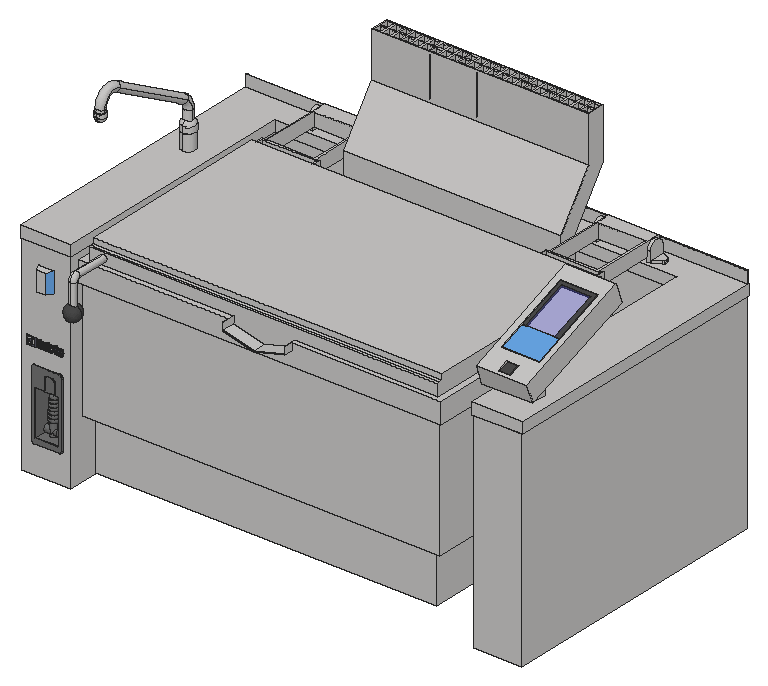
Revit family "QF_ELECTROLUXPROFESSIONAL_586297_PFET17GLCX", category Attrezzature speciali, Revit 2023 (continued)
Definition of nested family "QF_ELECTROLUXPROFESSIONAL_PFET_DISPLAY"
  Forms (mm)
    Extrusion 4, solid
      sketch origin (0, -57.848, 150.699) x (0, -0.93358, -0.358368) y (-1, 0, 0)
        loop
          line (-10.709, 2.261) -> (-175.709, 2.261) -> (-175.709, -117.739) -> (-10.709, -117.739) -> (-10.709, -103.739) -> (-161.709, -103.739) -> (-161.709, -11.739) -> (-10.709, -11.739) -> (-10.709, 2.261)
      from 0 to 5
    Extrusion 5, solid
      sketch origin (0, -57.848, 150.699) x (0, -0.93358, -0.358368) y (-1, 0, 0)
        loop
          line (-10.709, -11.739) -> (-161.709, -11.739) -> (-161.709, -103.739) -> (-10.709, -103.739) -> (-10.709, -11.739)
      from 0 to 5
    Extrusion 6, solid
      sketch origin (0, -57.848, 150.699) x (0, -0.93358, -0.358368) y (-1, 0, 0)
        loop
          line (-10.709, 2.261) -> (-10.709, -117.739) -> (74.291, -117.739) -> (74.291, 2.261) -> (-10.709, 2.261)
      from 0 to 5
    Extrusion 7, void
      sketch origin (0, -57.848, 150.699) x (0, -0.93358, -0.358368) y (-1, 0, 0)
        loop
          line (107.614, -75.239) -> (142.614, -75.239) -> (142.614, -40.239) -> (107.614, -40.239) -> (107.614, -75.239)
      from 0 to 2
    Extrusion 8, solid
      sketch origin (0, -57.848, 150.699) x (0, -0.93358, -0.358368) y (-1, 0, 0)
        loop
          line (142.614, -40.239) -> (107.614, -40.239) -> (107.614, -75.239) -> (142.614, -75.239) -> (142.614, -40.239)
      from 2 to 0
    Extrusion 9, solid
      sketch origin (57.739, 0, 0) x (0, 1, 0) y (0, 0, 1)
        loop
          line (-111.124, 61.39) -> (-111.124, 0) -> (-81.124, 0) -> (-81.124, 72.309) -> (-111.124, 61.39)
      from -40 to 40
  Cuts and joins
    Extrusion 3, Extrusion 7 cuts Extrusion 2
  Lines and regions (mm)
    symbolic lines
      curve 1: line (-22.261, 177.83, 0) -> (137.739, 177.83, 0)
      curve 2: line (-22.261, -201.891, 0) -> (-22.261, 177.83, 0)
      curve 3: line (137.739, -201.891, 0) -> (-22.261, -201.891, 0)
      curve 4: line (137.739, 177.83, 0) -> (137.739, -201.891, 0)
      curve 5: line (40.239, -190.989, 0) -> (40.239, -158.314, 0)
      curve 6: line (75.239, -158.314, 0) -> (75.239, -190.989, 0)
      curve 7: line (-2.261, -127.204, 0) -> (-2.261, 106.191, 0)
      curve 8: line (117.739, 106.191, 0) -> (117.739, -127.204, 0)
      curve 9: line (-22.261, 152.87, 0) -> (137.739, 152.87, 0)
      curve 10: line (117.739, -47.85, 0) -> (-2.261, -47.85, 0)
      curve 11: line (11.739, 93.121, 0) -> (11.739, -47.85, 0)
      curve 12: line (103.739, 93.121, 0) -> (11.739, 93.121, 0)
      curve 13: line (103.739, -47.85, 0) -> (103.739, 93.121, 0)
      curve 14: line (117.739, 106.191, 0) -> (-2.261, 106.191, 0)
      curve 15: line (-2.261, -127.204, 0) -> (117.739, -127.204, 0)
      curve 16: line (75.239, -158.314, 0) -> (40.239, -158.314, 0)
      curve 17: line (40.239, -190.989, 0) -> (75.239, -190.989, 0)
  Dimensions and locks
    aligned and locked: plane 2 to Extrusion 1
    aligned and locked: level to Extrusion 1
